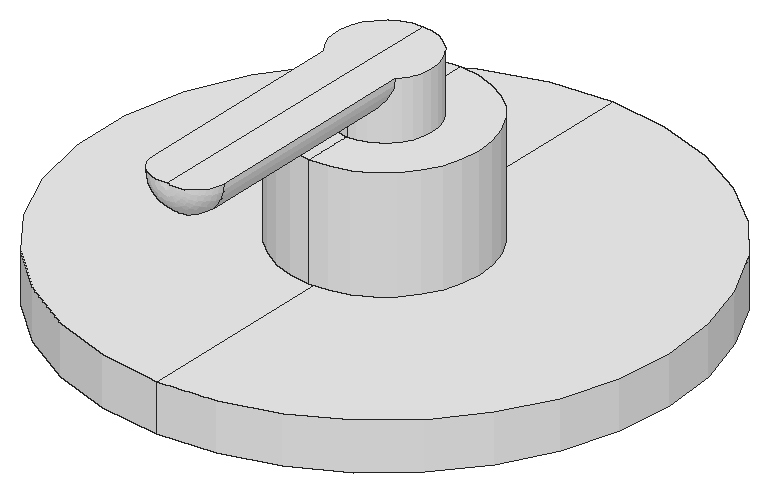
Revit family "Shower-Bath-American_Standard-Studio-S-TU10550X_Series", category Plumbing Fixtures, host Face, Revit 2014
Parameters (values of type "TU105500")
  Width = 7 1/2"  # constant formula
  Waste Connection = no
  Warranty Information = "Limited Lifetime Function and Finish Warranty."  # constant formula
  WFU = 4
  Vent Connection = no
  Valve = yes
  URL = "http://www.americanstandard-us.com/"
  Type Comments = ""
  Spout Connection Size = if(Bath, 1/4", 0")  # 0"
  Spout Connection Description = if(Bath, "1/2'' Global Inlet Connection", "")  # ""
  Specification = "Bath/shower fitting shall feature brass rain showerhead with Max. 2.5 gpm/9.5 L/min. flow rate. Shall feature double ceramic pressure balance cartridge which is capable of back-to-back installation. Cartridge shall feature integrated check valves to eliminate cross flow. Capable of meeting ASSE1016 @1.3gpm. Cartridge shall also feature hot limit safety stop."
  Shower Connection Size = if(Shower, 1/4", 0")  # 0"
  Shower Connection Description = if(Shower, "1/2'' Global Inlet Connection", "")  # ""
  Shower = no
  Product Page URL = "https://www.americanstandard-us.com/bathroom/shower-faucets/studio-s-valve-only-trim-kit-with-cartridge-34398"
  Product Documentation Link = "https://www.americanstandard-us.com/-/media/sites/asus/files/product-specs/shower-faucets/2018/studio-s-tub-shower-trim-kit-tu10550x/specsheet-tu105500-tu105501-tu105502.pdf?la=en"
  Price = "Prices may vary. Please consult Manufacturer Representative for most up-to-date price list."  # constant formula
  Model = "TU105500"
  Material = "Brass-American Standard-002-Polished Chrome"
  Manufacturer = "American Standard"  # constant formula
  Length = 11 7/8"  # constant formula
  Installation Type = "Wall Mounted"  # constant formula
  Hot Water Connection Radius = 1/4"  # constant formula
  Hot Water Connection Height = 44"  # constant formula
  Hot Water Connection Diameter = Hot Water Connection Radius * 2  # 1/2"
  Height = 78"  # constant formula
  HWFU = 3
  HW Connection = yes
  Flow Rate = "2.5 gpm (9.5 L/min.)"
  Finish = Brass-American Standard-002-Polished Chrome
  Diverter_Spout Outlet Description = if(Bath, "1/2'' Global Outlet Connection", "")  # ""
  Diverter_Spout Connection = if(Bath, 1/4", 0")  # 0"
  Diverter_Shower Outlet Description = if(Shower, "1/2'' Global Outlet Connection", "")  # ""
  Diverter_Shower Connection = if(Shower, 1/4", 0")  # 0"
  Description = "TU105500 Studio S Valve ONLY Trim Kit with Pressure Balance Cartridge Metal lever handle. LESS valve body."
  Default Elevation = 0"
  Creation Date = "10/18/2018"  # constant formula
  Cold Water Connection Radius = 1/4"  # constant formula
  Cold Water Connection Height = Hot Water Connection Height  # 44"
  Cold Water Connection Diameter = Cold Water Connection Radius * 2  # 1/2"
  CWFU = 3
  CW Connection = yes
  Bath = no
  Assembly Code = "D2020300"
  ADA Compliant = yes
Types (6): name | Spout Connection Size | Spout Connection Description | Specification | Shower Connection Size | Shower Connection Description | Shower | Product Page URL | Product Documentation Link | Model | Flow Rate | Diverter_Spout Outlet Description | Diverter_Spout Connection | Diverter_Shower Outlet Description | Diverter_Shower Connection | Description | Bath
  (no name) | 0" | "" | "Bath/shower fitting shall feature brass rain showerhead with Max. 2.5 gpm/9.5 L/min. flow rate. Shall feature double ceramic pressure balance cartridge which is capable of back-to-back installation. Cartridge shall feature integrated check valves to eliminate cross flow. Capable of meeting ASSE1016 @1.3gpm. Cartridge shall also feature hot limit safety stop." | 0" | "" | no | "https://www.americanstandard-us.com/bathroom/shower-faucets/studio-s-valve-only-trim-kit-with-cartridge-34398" | "https://www.americanstandard-us.com/-/media/sites/asus/files/product-specs/shower-faucets/2018/studio-s-tub-shower-trim-kit-tu10550x/specsheet-tu105500-tu105501-tu105502.pdf?la=en" | "TU105500" | "2.5 gpm (9.5 L/min.)" | "" | 0" | "" | 0" | "TU105500 Studio S Valve ONLY Trim Kit with Pressure Balance Cartridge Metal lever handle. LESS valve body." | no
  TU105502 | 1/4" | "1/2'' Global Inlet Connection" | "Bath/shower fitting shall feature brass rain showerhead with Max. 2.5 gpm/9.5 L/min. flow rate. Shall feature double ceramic pressure balance cartridge which is capable of back-to-back installation. Cartridge shall feature integrated check valves to eliminate cross flow. Capable of meeting ASSE1016 @1.3gpm. Cartridge shall also feature hot limit safety stop." | 1/4" | "1/2'' Global Inlet Connection" | yes | "https://www.americanstandard-us.com/bathroom/shower-faucets/studio-s-tub-and-shower-trim-kit-with-cartridge-34390" | "https://www.americanstandard-us.com/-/media/sites/asus/files/product-specs/shower-faucets/2018/studio-s-tub-shower-trim-kit-tu10550x/specsheet-tu105500-tu105501-tu105502.pdf?la=en" | "TU105502" | "2.5 gpm (9.5 L/min.)" | "1/2'' Global Outlet Connection" | 1/4" | "1/2'' Global Outlet Connection" | 1/4" | "TU105502 Studio S Bath/Shower Trim Kit with Pressure Balance Cartridge Metal lever handle. LESS valve body." | yes
  TU105501 | 0" | "" | "Bath/shower fitting shall feature brass rain showerhead with Max. 2.5 gpm/9.5 L/min. flow rate. Shall feature double ceramic pressure balance cartridge which is capable of back-to-back installation. Cartridge shall feature integrated check valves to eliminate cross flow. Capable of meeting ASSE1016 @1.3gpm. Cartridge shall also feature hot limit safety stop." | 1/4" | "1/2'' Global Inlet Connection" | yes | "https://www.americanstandard-us.com/bathroom/shower-faucets/studio-s-shower-only-trim-kit-with-cartridge-34394" | "https://www.americanstandard-us.com/-/media/sites/asus/files/product-specs/shower-faucets/2018/studio-s-tub-shower-trim-kit-tu10550x/specsheet-tu105500-tu105501-tu105502.pdf?la=en" | "TU105501" | "2.5 gpm (9.5 L/min.)" | "" | 0" | "1/2'' Global Outlet Connection" | 1/4" | "TU105501 Studio S Shower ONLY Trim Kit with Pressure Balance Cartridge Metal lever handle. LESS valve body." | no
  TU105500 | 0" | "" | "Bath/shower fitting shall feature brass rain showerhead with Max. 2.5 gpm/9.5 L/min. flow rate. Shall feature double ceramic pressure balance cartridge which is capable of back-to-back installation. Cartridge shall feature integrated check valves to eliminate cross flow. Capable of meeting ASSE1016 @1.3gpm. Cartridge shall also feature hot limit safety stop." | 0" | "" | no | "https://www.americanstandard-us.com/bathroom/shower-faucets/studio-s-valve-only-trim-kit-with-cartridge-34398" | "https://www.americanstandard-us.com/-/media/sites/asus/files/product-specs/shower-faucets/2018/studio-s-tub-shower-trim-kit-tu10550x/specsheet-tu105500-tu105501-tu105502.pdf?la=en" | "TU105500" | "2.5 gpm (9.5 L/min.)" | "" | 0" | "" | 0" | "TU105500 Studio S Valve ONLY Trim Kit with Pressure Balance Cartridge Metal lever handle. LESS valve body." | no
  TU105508 | 1/4" | "1/2'' Global Inlet Connection" | "Bath/shower fitting shall feature water saving brass rain showerhead with Max. 1.75 gpm/6.6 L/min. flow rate. Shall feature double ceramic pressure balance cartridge which is capable of back-to-back installation. Cartridge shall feature integrated check valves to eliminate cross flow. Capable of meeting ASSE1016 @1.3gpm. Cartridge shall also feature hot limit safety stop." | 1/4" | "1/2'' Global Inlet Connection" | yes | "https://www.americanstandard-us.com/bathroom/shower-faucets/studio-s-tub-and-shower-trim-kit-with-water-saving-shower-head-and-cartridge-34402" | "https://www.americanstandard-us.com/-/media/sites/asus/files/product-specs/shower-faucets/2018/studio-s-tub-shower-trim-kit-tu10550x/specsheet-tu105507-tu10508.pdf?la=en" | "TU105508" | "1.75 gpm (6.6 L/min.)" | "1/2'' Global Outlet Connection" | 1/4" | "1/2'' Global Outlet Connection" | 1/4" | "TU105508 Studio S BATH/SHOWER Trim Kit with Pressure Balance Cartridge Lever handle. Water-saving showerhead. LESS valve body." | yes
  TU105507 | 0" | "" | "Bath/shower fitting shall feature water saving brass rain showerhead with Max. 1.75 gpm/6.6 L/min. flow rate. Shall feature double ceramic pressure balance cartridge which is capable of back-to-back installation. Cartridge shall feature integrated check valves to eliminate cross flow. Capable of meeting ASSE1016 @1.3gpm. Cartridge shall also feature hot limit safety stop." | 1/4" | "1/2'' Global Inlet Connection" | yes | "https://www.americanstandard-us.com/bathroom/shower-faucets/studio-s-shower-only-trim-kit-with-water-saving-shower-head-and-cartridge-34406" | "https://www.americanstandard-us.com/-/media/sites/asus/files/product-specs/shower-faucets/2018/studio-s-tub-shower-trim-kit-tu10550x/specsheet-tu105507-tu10508.pdf?la=en" | "TU105507" | "1.75 gpm (6.6 L/min.)" | "" | 0" | "1/2'' Global Outlet Connection" | 1/4" | "TU105507 Studio S SHOWER ONLY Trim Kit with Pressure Balance Cartridge Lever handle. Water-saving showerhead. LESS valve body." | no
Reference planes (in)
  plane 1 "Center (Front/Back)": y = -43
  plane 2: z = 0
  plane 3 "Center (Left/Right)": x = 0
  plane 4: x = 4
  plane 5: x = -4
  plane 6: y = 35
  plane 7: y = -22
  plane 8: y = 1
  plane 9 "Masking": y = 4.75
  plane 10: y = -2.75
  plane 11: z = 11.875
  plane 12: y = 36.1875
  plane 13: y = 33.8125
  plane 14: y = 30
Forms (in)
  Extrusion 1, solid, material "Brass-American Standard-002-Polished Chrome"
    sketch origin (0, -4.00096, 0) x (0, 1, 0) y (0, 0, 1)
      loop
        circle (5, -0.32281) r 0.25
    from -2.32156 to 2.25115
  Extrusion 2, solid, material "Brass-American Standard-002-Polished Chrome"
    sketch origin (0, -43, 0) x (1, 0, 0) y (0, 0, 1)
      loop
        circle (0, -0.31947) r 0.25
    from -45.31802 to -42.95966
  Sweep 3, solid, material "Brass-American Standard-002-Polished Chrome", visible <- "Shower"
    path origin (0, -10.40647, -0.125) x (0, 0, -1) y (0, 1, 0)
      loop
        line (-0.125, 45.40647) -> (-9.89577, 45.40647)
        arc (-9.89577, 45.40647) -> (-11.38369, 44.79015) -> (-12, 43.30224) r 2.10423
        line (-12, 43.30224) -> (-12, 42.27897)
    profile origin (0, 35, 4.88539) x (0, -1, 0) y (1, 0, 0)
      loop
        circle (0, 0) r 0.5
  Revolve 4, solid, material "Brass-American Standard-002-Polished Chrome", visible <- "Shower"
    sketch origin (0, -10.91262, 0) x (0, 0, -1) y (0, 1, 0)
      loop
        line (-0.25, 45.91262) -> (0, 45.91262) -> (0, 47.10012) -> (-0.25, 47.10012) -> (-0.25, 45.91262)
      axis (-0.25, 45.91262) -> (0, 45.91262)
    angle from 0 to 360
  Revolve 5, solid, material "Brass-American Standard-002-Polished Chrome", visible <- "Valve"
    sketch origin (0, -25.02772, -0.32358) x (0, 0, -1) y (0, 1, 0)
      loop
        line (-0.94501, 29.77772) -> (-0.94501, 26.02772) -> (-0.32358, 26.02772) -> (-0.32358, 29.77772) -> (-0.94501, 29.77772)
      axis (-0.32358, 26.02772) -> (-0.94501, 26.02772)
    angle from 0 to 360
  Revolve 6, solid, material "Brass-American Standard-002-Polished Chrome", visible <- "Valve"
    sketch origin (0, -24.36973, -0.32358) x (0, 0, -1) y (0, 1, 0)
      loop
        line (-0.99843, 26.61973) -> (-2.45779, 26.61973) -> (-2.45779, 25.99473) -> (-3.20779, 25.99473) -> (-3.20779, 25.36973) -> (-0.32358, 25.36973) -> (-0.32358, 26.11973) -> (-0.99843, 26.11973) -> (-0.99843, 26.61973)
      axis (-3.20779, 25.36973) -> (-0.32358, 25.36973)
    angle from 0 to 360
  Extrusion 7, solid, material "Brass-American Standard-002-Polished Chrome", visible <- "Shower"
    sketch origin (0, -1, 0) x (1, 0, 0) y (0, 1, 0)
      loop
        circle (0, 36) r 0.25
    from 0 to 0.02683
  Extrusion 8, solid, material "Brass-American Standard-002-Polished Chrome", visible <- "Bath"
    sketch origin (0, 0, 0) x (1, 0, 0) y (0, 1, 0)
      loop
        circle (0, -22) r 0.25
    from 0 to 0.09092
  Revolve 9, solid, material "Brass-American Standard-002-Polished Chrome", visible <- "Shower"
    sketch origin (0, 12.12502, -14.33835) x (0, 0.707107, 0.707107) y (0, -0.707107, 0.707107)
      loop
        line (32.85277, 4.21851) -> (33.26901, 4.63476) -> (32.91546, 4.98831) -> (32.72673, 4.98831) -> (32.5389, 5.17614) -> (32.47412, 5.17614) -> (32.40733, 5.24293)
        arc (32.40733, 5.24293) -> (32.38307, 5.38077) -> (32.325, 5.50812) r 0.55337
        line (32.325, 5.50812) -> (32.3947, 5.52041)
        arc (32.3947, 5.52041) -> (32.42709, 5.53141) -> (32.45467, 5.55163) r 0.11243
        line (32.45467, 5.55163) -> (32.64086, 5.73782)
        arc (32.64086, 5.73782) -> (32.66298, 5.79123) -> (32.64086, 5.84463) r 0.07552
        line (32.64086, 5.84463) -> (32.20165, 6.28385) -> (33.88102, 7.96322) -> (33.56164, 8.28261) -> (31.17516, 5.89612) -> (32.85277, 4.21851)
      axis (31.17516, 5.89612) -> (32.85277, 4.21851)
    angle from 0 to 360
  Revolve 10, solid, material "Brass-American Standard-002-Polished Chrome", visible <- "Valve"
    sketch origin (0, 0, 0) x (0, 1, 0) y (0, 0, 1)
      loop
        line (1, 2.41546) -> (1, 2.88421) -> (-2.58006, 2.88421)
        arc (-2.58006, 2.88421) -> (-2.51202, 2.56063) -> (-2.21493, 2.41546) r 0.37658
        line (-2.21493, 2.41546) -> (1, 2.41546)
      axis (-2.58006, 2.88421) -> (1, 2.88421)
    angle from -90 to 90
Cuts and joins
  joined: Extrusion 1, Extrusion 2
  joined: Sweep 3, Revolve 4, Extrusion 7, Revolve 9
  joined: Revolve 5, Revolve 6, Revolve 10
Lines and regions (in)
  Masking region 1, visible <- "Shower"
    outline origin (0, 4.75, 0) x (-1, 0, 0) y (0, 0, 1)
      loop
        arc (0.50081, 8.53736) -> (0, 15.25) -> (-0.50081, 8.53736) r 3.375
        line (-0.50081, 8.53736) -> (-0.50081, 0.25) -> (-1.1875, 0.25) -> (-1.1875, 0) -> (1.18363, 0) -> (1.18363, 0.25) -> (0.50081, 0.25) -> (0.50081, 8.53736)
  Masking region 2, visible <- "Valve"
    outline origin (0, 4.75, 0) x (-1, 0, 0) y (0, 0, 1)
      loop
        line (-3.75, 0.62143) -> (-3.75, 0) -> (3.75, 0) -> (3.75, 0.62143) -> (1.03571, 0.62143) -> (1.03571, 0.67485) -> (1.25, 0.67485) -> (1.25, 2.13421) -> (0.625, 2.13421) -> (0.625, 2.88421) -> (-0.625, 2.88421) -> (-0.625, 2.13421) -> (-1.25, 2.13421) -> (-1.25, 0.67485) -> (-1.03571, 0.67485) -> (-1.03571, 0.62143) -> (-3.75, 0.62143)
  Masking region 3, visible <- "Bath"
    outline origin (0, 4.75, 0) x (-1, 0, 0) y (0, 0, 1)
      loop
        line (-0.68995, 2.13421) -> (-0.625, 2.13421) -> (-0.625, 2.88421) -> (0.625, 2.88421) -> (0.625, 2.13421) -> (0.68995, 2.13421) -> (0.68995, 6.125)
        arc (0.68995, 6.125) -> (0, 6.81495) -> (-0.68995, 6.125) r 0.68995
        line (-0.68995, 6.125) -> (-0.68995, 2.13421)
  symbolic lines, visible <- "Shower", detail levels medium+fine
    curve 1: arc (0.4999, -43, 11.00892) -> (0, -43, 12.875) -> (-0.4999, -43, 11.00892) r 1
    curve 3: line (0.4999, -43, 11.87223) -> (0.4999, -43, 8.53723)
    curve 4: line (-0.4999, -43, 11.87223) -> (-0.4999, -43, 8.53723)
    curve 5: arc (0.4999, -43, 11.87223) -> (0, -43, 12.37213) -> (-0.4999, -43, 11.87223) r 0.4999
  symbolic lines, visible <- "Shower", detail levels fine
    curve 2: arc (0.4999, -43, 11.56416) -> (0, -43, 12.46366) -> (-0.4999, -43, 11.56416) r 0.58866
Dimensions and locks (in)
  plane 6 to plane 1 "Center (Front/Back)" = 78"
  plane 11 to host face = 11 7/8"
  plane 1 "Center (Front/Back)" to plane 7 = 21"
  plane 1 "Center (Front/Back)" to plane 8 = 44"
  plane 6 to plane 14 = 5"
  plane 1 "Center (Front/Back)" to plane 6 = 78"
  plane 10 to plane 9 "Masking" = 7 1/2"
  aligned and locked: plane 2 to host face
  aligned and locked: level to host face
  aligned and locked: Masking region 1 sketch curve to cut or joined group of Sweep 3, Revolve 4, Extrusion 7, Revolve 9
  aligned and locked: plane 14 to Revolve 9 sketch curve
  aligned and locked: Masking region 1 sketch curve to Revolve 9
  aligned and locked: plane 8 to Revolve 10 sketch curve
  aligned and locked: nested 1 to plane 7
  aligned and locked: plane 3 "Center (Left/Right)" to nested 1
  aligned and locked: Masking region 2 sketch curve to cut or joined group of Revolve 5, Revolve 6, Revolve 10  (x2)
  aligned and locked: Masking region 2 sketch curve to Masking region 2 sketch curve
  aligned and locked: cut or joined group of Revolve 5, Revolve 6, Revolve 10 to Masking region 3 sketch curve  (x2)
  aligned and locked: Masking region 3 sketch curve to Masking region 2  (x2)
  aligned and locked: Masking region 3 sketch curve to cut or joined group of Revolve 5, Revolve 6, Revolve 10
Nested families (in)
  nested 1: "Spout-American_Standard-Studio_S-8888_Series" at (0, -22, 0), visible <- "Bath", type "8888.319"
Connectors (in)
  piping at (-2.32156, 0.99904, -0.32281), diameter 0.5, driven by "Hot Water Connection Radius", driven by "HWFU"
    settings: on cut or joined group of Extrusion 1, Extrusion 2, index 5, connector inside diameter 1/2", connector length 0", flow factor 0, pipe flow 0 GPM, pressure drop 0.00 psi, fitting loss kfactor 0, connector angle 0.00°, fixture units 3, engagement length 0", angle of deflection 0.00°, flow configuration 3, flow direction 1, fitting loss method 0, system type 19, joint type 0, gender type 0, connector reference index -1, connector utility 0, adjustable connector no, is connector primary yes, connector description "1/2\" HW NPT Inlet Connection"
  piping at (0, 2.31802, -0.31947), driven by "Diverter_Shower Connection", driven by "Diverter_Shower Outlet Description"
    settings: on cut or joined group of Extrusion 1, Extrusion 2, index 6, connector diameter 0", connector inside diameter 1/2", connector length 0", flow factor 0, pipe flow 0 GPM, pressure drop 0.00 psi, fitting loss kfactor 0, connector angle 0.00°, fixture units 0, engagement length 0", angle of deflection 0.00°, flow configuration 0, flow direction 2, fitting loss method 0, system type 29, joint type 0, gender type 0, connector reference index -1, connector utility 0, adjustable connector no, is connector primary no, connector description ""
  piping at (0, -0.04034, -0.31947), driven by "Diverter_Spout Connection", driven by "Diverter_Spout Outlet Description"
    settings: on cut or joined group of Extrusion 1, Extrusion 2, index 7, connector diameter 0", connector inside diameter 1/2", connector length 0", flow factor 0, pipe flow 0 GPM, pressure drop 0.00 psi, fitting loss kfactor 0, connector angle 0.00°, fixture units 0, engagement length 0", angle of deflection 0.00°, flow configuration 0, flow direction 2, fitting loss method 0, system type 29, joint type 0, gender type 0, connector reference index -1, connector utility 0, adjustable connector no, is connector primary no, connector description ""
  piping at (2.25115, 0.99904, -0.32281), diameter 0.5, driven by "Cold Water Connection Radius", driven by "CWFU"
    settings: on cut or joined group of Extrusion 1, Extrusion 2, index 8, connector inside diameter 1/2", connector length 0", flow factor 0, pipe flow 0 GPM, pressure drop 0.00 psi, fitting loss kfactor 0, connector angle 0.00°, fixture units 3, engagement length 0", angle of deflection 0.00°, flow configuration 3, flow direction 1, fitting loss method 0, system type 20, joint type 0, gender type 0, connector reference index -1, connector utility 0, adjustable connector no, is connector primary no, connector description "1/2\" CW NPT Inlet Connection"
  piping at (0, -22, 0), driven by "Spout Connection Size", driven by "Spout Connection Description"
    settings: on Extrusion 8, index 10, connector diameter 0", connector inside diameter 24", connector length 0", flow factor 0, pipe flow 0 GPM, pressure drop 0.00 psi, fitting loss kfactor 0, connector angle 0.00°, fixture units 0, engagement length 0", angle of deflection 0.00°, flow configuration 0, flow direction 2, fitting loss method 0, system type 29, joint type 0, gender type 0, connector reference index -1, connector utility 0, adjustable connector no, is connector primary no, connector description ""
  piping at (0, 35, 0), driven by "Shower Connection Size", driven by "Shower Connection Description"
    settings: on Extrusion 7, index 11, connector diameter 0", connector inside diameter 24", connector length 0", flow factor 0, pipe flow 2.5 GPM, pressure drop 0.00 psi, fitting loss kfactor 0, connector angle 0.00°, fixture units 0, engagement length 0", angle of deflection 0.00°, flow configuration 0, flow direction 1, fitting loss method 0, system type 29, joint type 0, gender type 0, connector reference index -1, connector utility 0, adjustable connector no, is connector primary no, connector description ""
Definition of nested family "Spout-American_Standard-Studio_S-8888_Series"
  Parameters (values of type "8888.316")
    Width = 2 3/4"  # constant formula
    Water Connection Radius = 1/4"  # constant formula
    Water Connection Diameter = Water Connection Radius * 2  # 1/2"
    Waste Connection = yes
    Warranty Information = "Limited Lifetime Function and Finish Warranty"  # constant formula
    WFU = 4  # constant formula
    Vent Connection = no
    URL = "https://www.americanstandard-us.com/"
    Type Comments = ""
    Product Page URL = "https://www.americanstandard-us.com/bathroom/shower-faucets/studio-s-slip-on-diverter-tub-spout-32028"
    Price = "Prices may vary. Please consult Manufacturer Representative for most up-to-date price list."  # constant formula
    Pop-up handle = no
    Model = "8888.316"
    Material = "Metal-American Standard-002-Polished Chrome"
    Manufacturer = "American Standard"  # constant formula
    Length = 6 1/8"  # constant formula
    Installation Type = "Wall Mounted"  # constant formula
    HWFU = 3  # constant formula
    HW Connection = yes
    Finish = Metal-American Standard-002-Polished Chrome
    Description = "Studio S Slip-On Non-Diverter Tub Spout"
    Default Elevation = 21"  # constant formula
    Creation Date = "01/11/2018"  # constant formula
    CWFU = 3  # constant formula
    CW Connection = yes
    Assembly Code = "D2020300"
  Types (5): name | Pop-up handle | Model | Description
    (no name) | no | "8888.316" | "Studio S Slip-On Non-Diverter Tub Spout"
    8888.316 | no | "8888.316" | "Studio S Slip-On Non-Diverter Tub Spout"
    8888.317 | no | "8888.317" | "Studio S Non-Diverter 1/2 IPS Tub Spout"
    8888.318 | yes | "8888.318" | "Studio S Slip-On-Diverter Tub Spout"
    8888.319 | yes | "8888.319" | "Studio S Diverter 1/2 IPS Tub Spout"
  Reference planes (in)
    plane 1 "Center (Front/Back)": y = 0
    plane 2: z = 0
    plane 3 "Center (Left/Right)": x = 0
    plane 4: z = 6.125
    plane 5: y = -1.375
    plane 6: y = 1.375
  Forms (in)
    Extrusion 1, solid
      sketch origin (0, 0, 0) x (1, 0, 0) y (0, 1, 0)
        loop
          line (-48, 48) -> (-48, -48) -> (48, -48) -> (48, 48) -> (-48, 48)
      from 0 to -12
    Revolve 2, solid, material "Metal-American Standard-002-Polished Chrome" <- "Finish"
      sketch origin (0, 0, 0) x (0, 1, 0) y (0, 0, 1)
        loop
          line (-1.375, 0) -> (0, 0) -> (0, 0.67712) -> (-0.68766, 0.67712) -> (-0.68766, 0.5358)
          arc (-0.68766, 0.5358) -> (-0.77137, 0.33371) -> (-0.97346, 0.25) r 0.2858
          line (-0.97346, 0.25) -> (-1.3127, 0.25)
          arc (-1.3127, 0.25) -> (-1.35675, 0.23175) -> (-1.375, 0.1877) r 0.0623
          line (-1.375, 0.1877) -> (-1.375, 0)
        axis (0, 0.67712) -> (0, 0)
      angle from 0 to 360
    Sweep 3, solid, material "Metal-American Standard-002-Polished Chrome" <- "Finish"
      path origin (0, 0, 0) x (0, 1, 0) y (0, 0, 1)
        loop
          line (0, 0.67712) -> (0, 5.375)
          arc (0, 5.375) -> (-0.21967, 5.90533) -> (-0.75, 6.125) r 0.75
          line (-0.75, 6.125) -> (-1.62033, 6.125)
      profile origin (0, 0, 3.02606) x (0, -1, 0) y (1, 0, 0)
        loop
          circle (0, 0) r 0.68766
    Revolve 4, solid, material "Metal-American Standard-002-Polished Chrome" <- "Finish", visible <- "Pop-up handle"
      sketch origin (0, 22.29942, 1) x (0, 1, 0) y (0, 0, 1)
        loop
          line (-22.11317, 5.38267) -> (-22.11317, 5.125) -> (-21.1241, 5.125)
          arc (-21.1241, 5.125) -> (-21.12565, 5.24508) -> (-21.13979, 5.36434) r 1.14382
          arc (-21.13979, 5.36434) -> (-21.14732, 5.37748) -> (-21.16155, 5.38267) r 0.02208
          line (-21.16155, 5.38267) -> (-22.11317, 5.38267)
        axis (-22.11317, 5.125) -> (-21.1241, 5.125)
      angle from 0 to 360
    Sweep 5, void
      path origin (0, -1.62033, 6.125) x (1, 0, 0) y (0, 0, 1)
        loop
          circle (0, 0) r 0.68766
      profile origin (0, -1.62033, 5.43734) x (0, 0, -1) y (0, -1, 0)
        loop
          line (0, 0) -> (-0.03547, 0)
          arc (-0.03547, 0) -> (-0.01039, -0.01039) -> (0, -0.03547) r 0.03547
          line (0, -0.03547) -> (0, 0)
    Extrusion 6, void
      sketch origin (0, 0, 0) x (1, 0, 0) y (0, 0, 1)
        loop
          circle (0, 6.125) r 0.5
      from 0.76092 to 1.62033
  Cuts and joins
    Sweep 5, Extrusion 6 cuts Revolve 2
    Sweep 5, Extrusion 6 cuts Sweep 3
    joined: Revolve 2, Sweep 3
  Lines and regions (in)
    Masking region 1
      outline origin (0, 0, 0) x (1, 0, 0) y (0, 0, 1)
        loop
          line (1.375, 0) -> (1.375, 0.19153)
          arc (1.375, 0.19153) -> (1.35766, 0.23339) -> (1.3158, 0.25073) r 0.0592
          line (1.3158, 0.25073) -> (0.97708, 0.25073)
          arc (0.97708, 0.25073) -> (0.77391, 0.33489) -> (0.68975, 0.53806) r 0.28733
          line (0.68975, 0.53806) -> (0.68975, 6.125)
          arc (0.68975, 6.125) -> (0, 6.81475) -> (-0.68975, 6.125) r 0.68975
          line (-0.68975, 6.125) -> (-0.68975, 0.53806)
          arc (-0.68975, 0.53806) -> (-0.77391, 0.33489) -> (-0.97708, 0.25073) r 0.28733
          line (-0.97708, 0.25073) -> (-1.3158, 0.25073)
          arc (-1.3158, 0.25073) -> (-1.35766, 0.23339) -> (-1.375, 0.19153) r 0.0592
          line (-1.375, 0.19153) -> (-1.375, 0) -> (1.375, 0)
    symbolic lines, visible <- "Pop-up handle", detail levels medium+fine
      curve 1: circle (0, 0, 6.125) r 0.25 normal (0, -1, 0)
    symbolic lines, detail levels medium+fine
      curve 2: line (0.97708, 0, 0.25073) -> (-0.97708, 0, 0.25073)
  Dimensions and locks (in)
    "Length": plane 2 to plane 4
    "Width": plane 6 to plane 5
    plane 1 "Center (Front/Back)" to cut or joined group of Revolve 2, Sweep 3, Sweep 5, Extrusion 6 = 1.62033"
    aligned and locked: plane 2 to Extrusion 1
    aligned and locked: level to Extrusion 1
    aligned and locked: Sweep 3 to Extrusion 6
  Automatic sketch dimensions
    Extrusion 1 sketch curve to Extrusion 1 sketch curve = 96"  (x2)
    Revolve 2 sketch curve to plane 5 = 0"
    Revolve 2 sketch curve to plane 1 "Center (Front/Back)" = 0"  (x2)
    Revolve 2 sketch curve to level = 0"
    plane 5 to Revolve 2 sketch curve = 0.0623"
    plane 5 to Revolve 2 sketch curve = 0.40154"
    Revolve 2 sketch curve to Revolve 2 sketch curve = 0.2858"
    Revolve 2 sketch curve to Revolve 2 sketch curve = 0.1877"
    Revolve 2 sketch curve to Revolve 2 sketch curve = 0.14132"
    Revolve 2 sketch curve to plane 4 = 1.07908"
    Revolve 2 sketch curve to Revolve 2 sketch curve = 1/2"
    plane 4 to Sweep 3 sketch curve = 0"
    Sweep 3 sketch curve to plane 1 "Center (Front/Back)" = 0"
    plane 5 to Sweep 3 sketch curve = 5/8"
    Sweep 3 sketch curve to plane 5 = 0.24533"
    level to Sweep 3 sketch curve = 0.67712"
    Sweep 3 sketch curve to plane 3 "Center (Left/Right)" = 0"
    Sweep 3 sketch curve to profile plane = 0"
    plane 4 to Revolve 4 sketch curve = 0"  (x2)
    Revolve 4 sketch curve to plane 1 "Center (Front/Back)" = 0.03241"
    Revolve 4 sketch curve to Revolve 4 sketch curve = 0.15385"
    plane 6 to Revolve 4 sketch curve = 0.23712"
    plane 6 to Revolve 4 sketch curve = 0.19968"
    Revolve 4 sketch curve to plane 4 = 0.04527"
    Revolve 4 sketch curve to plane 4 = 0.23559"
    Revolve 4 sketch curve to plane 4 = 0.25767"
    Revolve 4 sketch curve to Revolve 4 sketch curve = 0.05313"
    Revolve 4 sketch curve to Revolve 4 sketch curve = 0.05014"
    profile plane to Sweep 5 sketch curve = 0"
    Sweep 5 sketch curve to Sweep 5 sketch curve = 0"  (x2)
    Sweep 5 sketch curve to profile plane = 0"  (x3)
    profile plane to Sweep 5 sketch curve = 0.03547"
    Extrusion 6 sketch curve to plane 3 "Center (Left/Right)" = 0"
    Extrusion 6 sketch curve to plane 4 = 0"
    Masking region 1 sketch curve to level = 0"
    Masking region 1 sketch curve to plane 4 = 0"
    Masking region 1 sketch curve to plane 3 "Center (Left/Right)" = 0"
    Masking region 1 sketch curve to Masking region 1 sketch curve = 0.68975"
    Masking region 1 sketch curve to Masking region 1 sketch curve = 0.33872"  (x2)
    Masking region 1 sketch curve to Masking region 1 sketch curve = 0.0592"  (x2)
    Masking region 1 sketch curve to Masking region 1 sketch curve = 0.28733"  (x2)
    level to Masking region 1 sketch curve = 0.19153"
    Masking region 1 sketch curve to Masking region 1 sketch curve = 0.19153"
    curve 1 to plane 3 "Center (Left/Right)" = 0"
    curve 1 to plane 4 = 0"
    level to curve 2 = 0.25073"
    curve 2 to plane 3 "Center (Left/Right)" = 0.97708"
    plane 3 "Center (Left/Right)" to curve 2 = 0.97708"
    radius of Sweep 3 sketch curve = 0.68766"
    radius of Sweep 5 sketch curve to Sweep 3 = 0"
    radius of Extrusion 6 sketch curve = 1/2"
    radius of curve 1 = 1/4"
  Connectors (in)
    piping at (0, 0, 0), diameter 0.5, driven by "Water Connection Diameter"
      settings: on cut or joined group of Revolve 2, Sweep 3, Sweep 5, Extrusion 6, index 1, connector inside diameter 24", connector length 0", flow factor 0, pipe flow 0 GPM, pressure drop 0.00 psi, fitting loss kfactor 0, connector angle 0.00°, fixture units 0, engagement length 0", angle of deflection 0.00°, flow configuration 0, flow direction 1, fitting loss method 0, system type 29, joint type 0, gender type 0, connector reference index -1, connector utility 0, adjustable connector no, is connector primary yes, connector description "1/2\" Water Supply Inlet"
